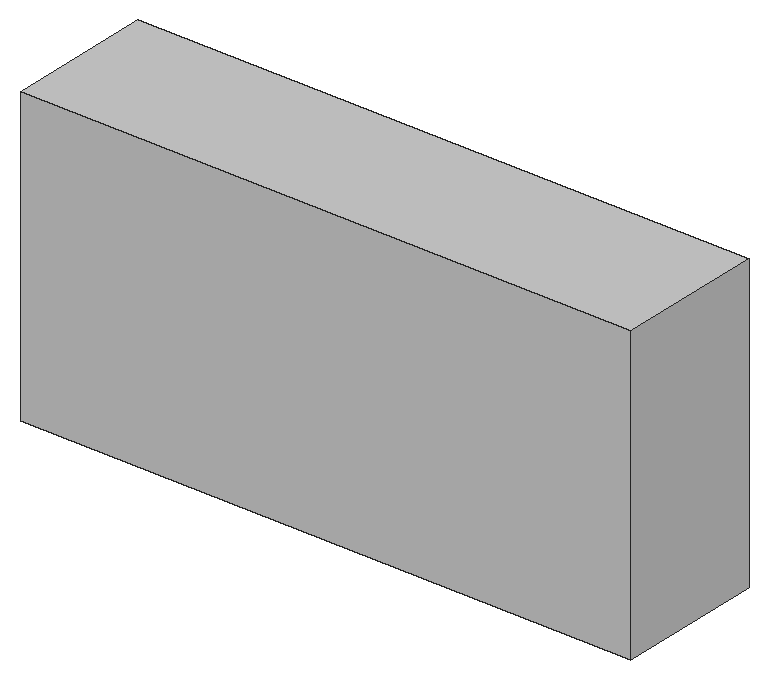
Revit family
Parameters (values of type "300 x 600mm")
  보 재료 [instance] = 콘크리트 - 현장타설 콘크리트
  Assembly Code = ""
  Length [instance] = 1524 mm
  b = 300 mm
  h = 600 mm
Types (3, lengths in mm): name | 보 재료 | b | h
  (no name) | 콘크리트 - 현장타설 콘크리트 | 300 | 600
  400 x 800mm | none | 400 | 800
  300 x 600mm | 콘크리트 - 현장타설 콘크리트 | 300 | 600
Reference planes
  plane 1 "중심(앞/뒤)": y = 0
  plane 2: z = 0
  plane 3 "중심(왼쪽/오른쪽)": x = 4.61
  plane 4 "왼쪽 부재": x = -604.99
  plane 5 "오른쪽 부재": x = 614.21
  plane 6: y = 150
  plane 7: y = -150
  plane 8: z = 300
  plane 9 "하단": z = -300
  plane 10 "왼쪽": x = -757.39
  plane 11 "오른쪽": x = 766.61
  plane 12: x = -617.69
  plane 13: x = 626.91
Forms (mm)
  Sweep 1, solid, material "콘크리트 - 현장타설 콘크리트" <- "보 재료"
    path origin (0, 0, 0) x (1, 0, 0) y (0, 1, 0)
      loop
        line (626.91, 0) -> (-617.69, 0)
    profile "M_직사각형 보-프로파일 : M_직사각형 보-프로파일" origin (4.61, 0, 0) x (0, -1, 0) y (0, 0, 1)
      loop
        line (-150, -300) -> (150, -300) -> (150, 300) -> (-150, 300) -> (-150, -300)
Dimensions and locks
  "b": plane 6 to plane 7
  equal spacing: plane 9 "하단", plane 2, plane 8
  equal spacing: plane 6, plane 1 "중심(앞/뒤)", plane 7
  "h": plane 9 "하단" to plane 8
  "Length": plane 10 "왼쪽" to plane 11 "오른쪽"
  locked: plane 12 to plane 4 "왼쪽 부재" at 12.7
  locked: plane 5 "오른쪽 부재" to plane 13 at 12.7
  aligned and locked: Sweep 1 sketch curve to plane 1 "중심(앞/뒤)"
  aligned and locked: plane 12 to Sweep 1 sketch curve
  aligned and locked: plane 13 to Sweep 1 sketch curve
